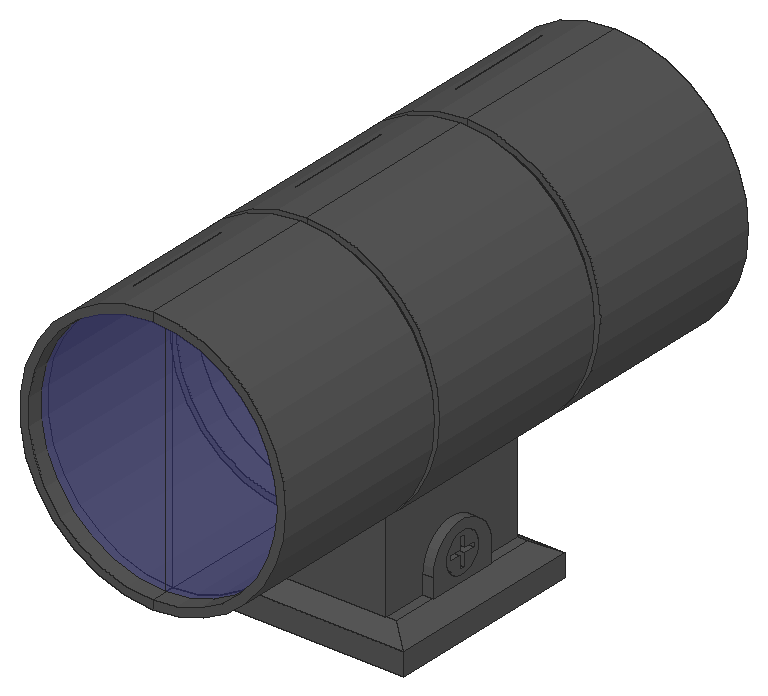
Revit family "CARLO CYLINDER LIGHT WALL MOUNT", category Lighting Fixtures, host Face, Revit 2020 (continued)
Types (10): name | Wattage_Input | Wattage Comments | Wattage | Photometric Web File | built-in parameter 1150142 | Model | built-in parameter 1150105 | Lumens | Light Length 1 | LIGHT RADIUS | LIGHT PLACEMENT | LIGHT LENGTH | LIGHT DIA | built-in parameter 1150106 | FIXED END HEIGHT | Curve base Height | Base Curve | BEAMING ANGLE | Apparent Load
    2 880.55 888.84 896.65 903.96 910.7 916.74 \r\n 922.13 926.57 930.98 936.44 942.11 947.48 952.56 957.02 961.4 966.17 \r\n 971.28 976.99 982.85 988.46 993.89 999.28 1004 1007.3 1009.6 1011 \r\n 1011.9 \r\n1006.9 1014.9 1017.6 1019.4 1020.1 1019.1 1017 1013.9 1010.3 1006.7 \r\n 1002.7 998.27 993.56 988.69 983.74 978.97 973.93 968.21 961.88 954.7 \r\n 947.17 939.72 932.27 925.08 917.63 909.54 900.75 890.94 880.5 869.78 \r\n 858.54 846.6 834.18 821.37 808.4 795.67 782.83 769.72 756.21 742.13 \r\n 727.49 712.02 696.38 681.28 666.19 650.68 635.13 619.9 604.62 588.79 \r\n 573.11 558.28 543.91 529.72 516.11 503.4 491.52 480.64 470.35 460.23 \r\n 450.37 440.85 431.3 421.29 411.07 400.77 390.33 379.64 368.89 358.06 \r\n 347.58 338.02 328.96 320.14 311.58 304.4 294.97 278.74 259.56 239.8 \r\n 219.38 199.37 178.66 155.8 132.93 112.17 92.223 71.313 53.034 41.222 \r\n 33.378 28.731 25.934 23.25 21.081 19.265 17.761 16.5 15.409 14.374 \r\n 13.445 12.652 11.939 11.245 10.616 10.096 9.6323 9.1751 8.7482 8.361 \r\n 8.0063 7.6827 7.383 7.1031 6.833 6.5579 6.2886 6.0319 5.7858 5.5514 \r\n 5.327 5.1119 4.9035 4.6979 4.4986 4.3081 4.1248 3.9481 3.778 3.6142 \r\n 3.4569 3.3057 3.162 3.0295 2.9015 2.7697 2.6432 2.5301 2.4255 2.3254 \r\n 2.2341 2.1524 2.0866 2.0511 2.0224 1.9747 1.9297 1.9072 1.8871 1.8554 \r\n 1.8133 1.7533 1.691 1.6503 1.5996 1.5027 1.3967 1.3128 1.2326 1.1489 \r\n 1.0595 0.9523 0.84969 0.77879 0.71328 0.6291 0.54657 0.48217 0.42338 0.36173 \r\n 0.30154 0.24184 0.19013 0.15928 0.13222 0.090871 0.051163 0.024088 0.0063565 0.0004066 \r\n 0.000051 0 0.00019657 0.0064602 0.017089 0.030728 0.052204 0.08963 0.1318 0.16675 \r\n 0.20487 0.25394 0.30983 0.37455 0.43746 0.4795 0.52793 0.61456 0.70664 0.77394 \r\n 0.84069 0.92413 1.015 1.1132 1.2081 1.2825 1.3556 1.4483 1.5385 1.604 \r\n 1.6654 1.7422 1.8161 1.8731 1.9207 1.9586 1.9952 2.0428 2.0904 2.1248 \r\n 2.1649 2.2306 2.3068 2.3817 2.4652 2.5649 2.6747 2.792 2.9133 3.0295 \r\n 3.1547 3.3064 3.4651 3.6121 3.7632 3.9286 4.107 4.3056 4.5088 4.6961 \r\n 4.889 5.1065 5.3355 5.5672 5.8081 6.0616 6.3284 6.6135 6.9083 7.2009 \r\n 7.507 7.838 8.1951 8.5833 9.0036 9.455 9.9487 10.501 11.095 11.688 \r\n 12.369 13.251 14.219 15.121 16.17 17.567 19.198 20.902 23.023 25.693 \r\n 29.392 33.653 41.452 57.081 76.13 95.29 115.57 136.93 159.19 182.95 \r\n 205.79 225.02 241.97 257.07 270.33 281.96 291.84 299.51 306.23 313.03 \r\n 320.15 328.4 337.12 345.71 354.81 365.07 375.93 387.3 398.54 408.79 \r\n 418.65 428.24 438.11 448.92 460.47 472.79 485.74 499.22 513.14 527.35 \r\n 541.99 557.33 572.95 588.44 603.98 619.57 635.37 651.62 668.07 684.69 \r\n 701.1 716.9 732.07 746.28 760.09 774.12 787.89 801.13 813.95 826.45 \r\n 838.42 849.72 860.31 870.05 879.13 887.75 895.8 903.24 910.03 916.12 \r\n 921.53 925.94 930.29 935.69 941.31 946.69 951.8 956.29 960.67 965.35 \r\n 970.32 975.8 981.51 987.31 992.98 998.37 1003.1 1006.5 1008.9 1010.6 \r\n 1011.9 \r\n1006.9 1015.1 1017.4 1018.8 1019.2 1018.2 1016.3 1013.5 1010 1006.1 \r\n 1001.8 997.24 992.4 987.39 982.25 977.17 971.82 965.93 959.46 952.11 \r\n 944.43 936.94 929.42 921.86 914.03 905.69 896.74 886.9 876.37 865.24 \r\n 853.55 841.31 828.7 815.85 802.89 790.08 777.14 763.9 750.31 736.33 \r\n 721.81 706.33 690.62 675.43 660.27 644.81 629.37 614.32 599.28 583.77 \r\n 568.4 553.66 539.39 525.51 512.24 499.76 488.1 477.55 467.57 457.68 \r\n 447.97 438.48 428.9 418.86 408.62 398.36 387.89 376.94 365.97 355.31 \r\n 345.07 335.48 326.41 317.99 309.75 302.28 292.6 276.98 258.24 237.75 \r\n 216.12 194.64 172.75 149.8 127.35 107.24 87.95 67.173 49.169 38.569 \r\n 31.944 27.662 24.972 22.483 20.48 18.797 17.391 16.175 15.113 14.129 \r\n 13.247 12.48 11.79 11.135 10.539 10.026 9.5625 9.1212 8.7115 8.335 \r\n 7.9883 7.6706 7.3744 7.0949 6.8232 6.5438 6.2717 6.0193 5.7786 5.5454 \r\n 5.321 5.107 4.8996 4.6942 4.4949 4.3045 4.122 3.9481 3.781 3.6183 \r\n 3.4619 3.313 3.1716 3.0405 2.913 2.7789 2.6516 2.5453 2.4474 2.346 \r\n 2.2531 2.1765 2.1166 2.084 2.0551 2.0002 1.9489 1.9315 1.916 1.8766 \r\n 1.8256 1.7669 1.7067 1.6625 1.6054 1.4977 1.3837 1.3064 1.2325 1.1384 \r\n 1.0384 0.93556 0.84015 0.7711 0.70586 0.62063 0.53799 0.47874 0.4243 0.35868 \r\n 0.29491 0.24122 0.19597 0.16383 0.13413 0.093319 0.054739 0.028434 0.010722 0.0026587 \r\n 0.000086 0 0.00011668 0.0033272 0.0099934 0.019546 0.037759 0.074552 0.11692 0.15183 \r\n 0.18927 0.23513 0.2887 0.35645 0.42275 0.46398 0.51046 0.59492 0.68647 0.75948 \r\n 0.83097 0.90943 0.99483 1.0959 1.1948 1.2693 1.3411 1.4313 1.5205 1.5924 \r\n 1.6595 1.7312 1.7996 1.8602 1.9129 1.9527 1.9898 2.0357 2.0811 2.1157 \r\n 2.155 2.2146 2.2851 2.3613 2.4475 2.5478 2.6574 2.7735 2.8943 3.0134 \r\n 3.1411 3.2905 3.4475 3.5989 3.7545 3.9175 4.0938 4.2984 4.5076 4.6941 \r\n 4.8848 5.1018 5.3323 5.5709 5.8171 6.0655 6.3259 6.6099 6.9071 7.2071 \r\n 7.522 7.8595 8.2234 8.6201 9.0497 9.5101 10.014 10.582 11.193 11.801 \r\n 12.502 13.415 14.417 15.35 16.431 17.864 19.524 21.235 23.353 26.101 \r\n 29.698 33.491 40.319 53.867 70.949 89.694 109.85 130.39 151.73 174.84 \r\n 196.93 214.77 230.59 245.6 259.59 273.23 285.06 292.99 299.49 306.29 \r\n 313.43 321.76 330.6 339.28 348.58 359.31 370.76 382.67 394.47 405.41 \r\n 415.87 425.79 435.87 446.85 458.52 470.98 484.02 497.49 511.32 525.33 \r\n 539.72 554.73 570.02 585.31 600.7 616.2 631.92 648 664.34 681.02 \r\n 697.57 713.58 728.97 743.31 757.26 771.54 785.56 798.91 811.75 824.1 \r\n 835.96 847.36 858.2 868.34 877.85 886.78 895.06 902.62 909.47 915.63 \r\n 921.07 925.5 929.83 935.13 940.66 946.03 951.16 955.68 960.08 964.7 \r\n 969.55 974.82 980.37 986.31 992.16 997.54 1002.2 1005.7 1008.3 1010.3 \r\n 1011.9 \r\n1006.9 1015.2 1017.2 1018.2 1018.1 1017.2 1015.4 1012.9 1009.6 1005.5 \r\n 1000.9 996.1 991.14 985.99 980.68 975.3 969.64 963.57 956.97 949.48 \r\n 941.68 934.18 926.58 918.7 910.5 901.93 892.81 882.92 872.29 860.78 \r\n 848.66 836.15 823.34 810.43 797.43 784.49 771.4 757.98 744.27 730.32 \r\n 715.85 700.33 684.55 669.27 654.06 638.67 623.37 608.47 593.62 578.44 \r\n 563.38 548.76 534.62 521.09 508.21 495.99 484.59 474.39 464.75 455.1 \r\n 445.56 436.11 426.53 416.5 406.26 396.05 385.58 374.37 363.17 352.68 \r\n 342.63 332.95 323.83 315.76 307.76 299.72 289.54 274.5 256.27 235.19 \r\n 212.55 189.7 166.69 143.7 121.7 102.23 83.638 63.224 45.691 36.224 \r\n 30.682 26.728 24.131 21.819 19.966 18.403 17.083 15.906 14.866 13.924 \r\n 13.082 12.339 11.67 11.048 10.481 9.9717 9.5085 9.0809 8.6863 8.319 \r\n 7.9785 7.6652 7.3711 7.0907 6.8164 6.5329 6.2583 6.0096 5.7736 5.5411 \r\n 5.3166 5.1033 4.8965 4.6912 4.4918 4.3011 4.1191 3.9479 3.7837 3.6219 \r\n 3.4663 3.3194 3.1799 3.0499 2.9228 2.7868 2.6591 2.5594 2.4681 2.366 \r\n 2.272 2.2007 2.1463 2.1157 2.086 2.0245 1.9675 1.9546 1.9432 1.8958 \r\n 1.836 1.778 1.7193 1.6701 1.6059 1.4888 1.3685 1.2976 1.2296 1.1255 \r\n 1.0153 0.91703 0.82892 0.76133 0.69604 0.61026 0.52799 0.47364 0.42322 0.35377 \r\n 0.28661 0.23896 0.20012 0.16649 0.13402 0.093857 0.056712 0.031812 0.014747 0.0048174 \r\n 0.00011897 0 0.000037 0.00020001 0.0031084 0.009472 0.025107 0.060599 0.10235 0.1373 \r\n 0.17439 0.21738 0.26868 0.33836 0.40721 0.44903 0.49489 0.57613 0.66581 0.74458 \r\n 0.82115 0.89471 0.97454 1.0777 1.1801 1.2557 1.3275 1.4145 1.5021 1.5815 \r\n 1.6552 1.7218 1.7844 1.8479 1.9052 1.9471 1.9846 2.0283 2.0713 2.1068 \r\n 2.1462 2.1994 2.2641 2.3415 2.4302 2.5306 2.6394 2.7537 2.8735 2.996 \r\n 3.1266 3.2728 3.4268 3.5825 3.7425 3.9033 4.0773 4.2856 4.4992 4.6859 \r\n 4.8757 5.0914 5.3217 5.5654 5.8155 6.0589 6.3133 6.5957 6.8944 7.2003 \r\n 7.5224 7.8645 8.233 8.6355 9.0712 9.5369 10.048 10.625 11.247 11.87 \r\n 12.586 13.516 14.537 15.498 16.605 18.056 19.726 21.438 23.545 26.334 \r\n 29.822 33.272 39.236 50.608 65.628 84.055 104.22 124.07 144.54 166.86 \r\n 188.1 204.78 219.77 234.99 249.9 265.48 279.12 287.36 293.69 300.52 \r\n 307.7 316.11 325.05 333.82 343.31 354.43 366.36 378.69 390.97 402.55 \r\n 413.61 423.86 434.14 445.27 457.05 469.62 482.72 496.14 509.85 523.72 \r\n 537.91 552.62 567.62 582.72 597.99 613.4 629.02 644.92 661.11 677.77 \r\n 694.38 710.55 726.13 740.6 754.68 769.16 783.36 796.78 809.61 821.82 \r\n 833.57 845.05 856.08 866.58 876.47 885.7 894.2 901.88 908.82 915.07 \r\n 920.59 925.09 929.45 934.65 940.06 945.4 950.54 955.12 959.55 964.13 \r\n 968.89 973.98 979.39 985.41 991.36 996.7 1001.3 1004.9 1007.8 1010 \r\n 1011.9 \r\n1006.9 1015.1 1016.9 1017.5 1017.1 1016.1 1014.4 1012 1008.9 1004.6 \r\n 999.83 995.01 990 984.79 979.37 973.75 967.85 961.61 954.88 947.29 \r\n 939.41 931.85 924.15 916.06 907.62 898.86 889.56 879.5 868.68 856.9 \r\n 844.54 831.9 818.99 805.9 792.72 779.66 766.44 752.82 738.9 724.78 \r\n 710.18 694.57 678.75 663.45 648.28 633.09 618.01 603.16 588.38 573.39 \r\n 558.56 544.1 530.16 516.98 504.5 492.65 481.62 471.79 462.47 453.07 \r\n 443.71 434.4 424.92 414.95 404.76 394.63 384.17 372.76 361.37 350.88 \r\n 340.84 330.95 321.64 313.77 305.71 296.36 284.88 269.83 251.91 230.91 \r\n 208.17 184.77 161.28 138.37 116.67 97.527 79.435 59.831 43.242 34.814 \r\n 30.128 26.422 23.86 21.657 19.887 18.371 17.078 15.915 14.881 13.94 \r\n 13.099 12.361 11.698 11.083 10.52 10.008 9.5407 9.1147 8.7223 8.3545 \r\n 8.0122 7.6964 7.3989 7.1134 6.8345 6.5493 6.274 6.0252 5.7891 5.5551 \r\n 5.3291 5.115 4.9076 4.7012 4.5005 4.3078 4.1244 3.954 3.7909 3.629 \r\n 3.473 3.3265 3.1875 3.0569 2.929 2.7921 2.6647 2.5688 2.4816 2.3801 \r\n 2.2868 2.2196 2.1688 2.1373 2.1051 2.0411 1.9824 1.9722 1.9619 1.9072 \r\n 1.8394 1.7815 1.7227 1.6653 1.5927 1.4732 1.3536 1.2876 1.2228 1.1109 \r\n 0.9932 0.89877 0.81613 0.74772 0.6809 0.59652 0.51657 0.46531 0.41676 0.34408 \r\n 0.27414 0.2307 0.19628 0.16087 0.12591 0.086709 0.051745 0.029815 0.015263 0.0054204 \r\n 0.0001232 0 0 0 0 0.0055736 0.02029 0.053679 0.093432 0.1279 \r\n 0.16462 0.206 0.25567 0.32436 0.39308 0.43719 0.48447 0.56158 0.6474 0.72909 \r\n 0.80848 0.87768 0.95301 1.0576 1.163 1.2414 1.3148 1.3991 1.4853 1.5715 \r\n 1.6518 1.716 1.7754 1.8418 1.9027 1.9455 1.9831 2.0257 2.0681 2.1062 \r\n 2.1471 2.1954 2.2549 2.3332 2.4235 2.5212 2.6264 2.7371 2.8546 2.9796 \r\n 3.1124 3.2537 3.4026 3.5599 3.7222 3.8806 4.0513 4.257 4.4692 4.6588 \r\n 4.8509 5.0629 5.2886 5.5306 5.7794 6.0198 6.2713 6.5523 6.8504 7.1575 \r\n 7.4799 7.8185 8.1818 8.5792 9.0088 9.4663 9.9678 10.535 11.148 11.768 \r\n 12.476 13.374 14.363 15.321 16.418 17.816 19.419 21.082 23.114 25.789 \r\n 29.057 32.238 37.504 46.909 60.134 78.584 99.157 118.76 138.78 160.41 \r\n 181.11 197.85 213.36 229.69 245.92 262.81 277.44 285.81 291.99 298.81 \r\n 305.96 314.26 323.09 331.83 341.3 352.34 364.2 376.51 388.87 400.72 \r\n 412.09 422.52 432.89 444.02 455.73 468.18 481.13 494.34 507.9 521.77 \r\n 535.99 550.58 565.44 580.48 595.69 611.03 626.57 642.32 658.34 674.83 \r\n 691.31 707.47 723.1 737.66 751.83 766.3 780.46 793.88 806.71 818.95 \r\n 830.73 842.19 853.26 863.95 874.1 883.55 892.27 900.14 907.26 913.73 \r\n 919.47 924.16 928.64 933.79 939.11 944.44 949.62 954.28 958.79 963.37 \r\n 968.11 973.21 978.61 984.48 990.28 995.59 1000.3 1004.1 1007.2 1009.7 \r\n 1011.9 \r\n1006.9 1014.9 1016.5 1016.7 1016.1 1014.9 1013.1 1010.9 1007.9 1003.6 \r\n 998.76 993.98 989.01 983.79 978.31 972.57 966.5 960.1 953.24 945.58 \r\n 937.65 929.97 922.15 913.96 905.41 896.5 887.01 876.66 865.57 853.67 \r\n 841.24 828.62 815.69 802.32 788.84 775.67 762.34 748.51 734.31 719.83 \r\n 704.92 689.2 673.36 658.11 643.1 628.21 613.39 598.52 583.65 568.73 \r\n 554.03 539.77 526.09 513.26 501.17 489.77 479.18 469.72 460.71 451.53 \r\n 442.36 433.28 424 414.16 404.06 394.03 383.6 372.09 360.52 349.9 \r\n 339.68 329.47 319.84 312.01 303.54 292.18 278.67 262.97 245.1 224.79 \r\n 202.89 179.84 156.54 133.83 112.3 93.162 75.357 57.003 41.824 34.338 \r\n 30.278 26.741 24.157 21.993 20.236 18.697 17.371 16.198 15.15 14.172 \r\n 13.294 12.542 11.871 11.235 10.653 10.13 9.6553 9.2188 8.8159 8.4379 \r\n 8.0859 7.761 7.4548 7.1605 6.8752 6.5906 6.3167 6.064 5.8229 5.5854 \r\n 5.3565 5.1404 4.9311 4.7227 4.5195 4.3233 4.1366 3.9652 3.8016 3.6382 \r\n 3.4807 3.3333 3.1933 3.0605 2.9308 2.7943 2.6679 2.573 2.4871 2.3878 \r\n 2.2969 2.2326 2.1832 2.1478 2.1118 2.0494 1.9931 1.9832 1.9711 1.9096 \r\n 1.8353 1.7766 1.7161 1.6475 1.5655 1.4511 1.3395 1.2761 1.2112 1.0945 \r\n 0.97259 0.88108 0.80175 0.73028 0.66057 0.57957 0.50383 0.45365 0.40472 0.32973 \r\n 0.25791 0.21657 0.18428 0.1469 0.10997 0.072089 0.040008 0.02244 0.012116 0.0043695 \r\n 0.000098 0 0 0 0 0.007446 0.023271 0.053882 0.090304 0.12377 \r\n 0.16006 0.20106 0.24969 0.31454 0.38047 0.42829 0.47884 0.5512 0.63143 0.71295 \r\n 0.79261 0.85819 0.93028 1.0355 1.1434 1.2258 1.3025 1.3851 1.4702 1.5622 \r\n 1.6487 1.7136 1.7728 1.8419 1.9052 1.948 1.9851 2.0282 2.0719 2.1137 \r\n 2.1573 2.2022 2.2575 2.3363 2.4266 2.5192 2.6181 2.7233 2.8371 2.9638 \r\n 3.0977 3.2325 3.3746 3.5308 3.6927 3.8487 4.0151 4.2117 4.417 4.6118 \r\n 4.8092 5.0154 5.2321 5.4658 5.708 5.9474 6.1991 6.4787 6.7742 7.0775 \r\n 7.3933 7.72 8.0683 8.4499 8.8611 9.2965 9.773 10.311 10.894 11.493 \r\n 12.167 12.986 13.892 14.814 15.863 17.139 18.6 20.164 22.053 24.46 \r\n 27.397 30.359 35.089 42.814 54.582 73.331 94.618 114.41 134.41 155.5 \r\n 176.05 194.1 211.45 229.72 247.59 265.09 279.87 288.26 294.34 301.11 \r\n 308.14 316.15 324.66 333.24 342.47 352.96 364.21 376.06 388.08 399.83 \r\n 411.2 421.64 432 442.97 454.43 466.54 479.12 491.98 505.31 519.34 \r\n 533.79 548.45 563.33 578.42 593.65 608.95 624.4 640.06 655.92 672.09 \r\n 688.25 704.25 719.8 734.41 748.61 762.86 776.78 790.13 803 815.44 \r\n 827.39 838.75 849.69 860.43 870.7 880.32 889.25 897.37 904.79 911.59 \r\n 917.67 922.68 927.38 932.53 937.79 943.15 948.38 953.16 957.8 962.4 \r\n 967.17 972.48 977.99 983.49 988.9 994.2 999.07 1003.1 1006.6 1009.4 \r\n 1011.9 \r\n1006.9 1014.6 1016 1015.9 1015 1013.6 1011.7 1009.6 1006.8 1002.5 \r\n 997.55 992.83 987.92 982.71 977.2 971.36 965.16 958.63 951.64 943.95 \r\n 935.99 928.2 920.25 911.99 903.36 894.31 884.62 873.97 862.62 850.64 \r\n 838.21 825.62 812.66 799.02 785.23 771.9 758.44 744.37 729.89 715.01 \r\n 699.74 683.9 668.08 652.89 638.02 623.42 608.85 593.91 578.93 564.04 \r\n 549.46 535.41 522.02 509.52 497.81 486.86 476.7 467.56 458.81 449.83 \r\n 440.85 432 422.94 413.26 403.28 393.35 382.98 371.42 359.75 348.97 \r\n 338.53 328 318 310.07 301.06 287.58 271.9 255.36 237.41 217.89 \r\n 197.01 174.57 151.71 129.28 107.92 88.775 71.288 54.396 40.807 34.168 \r\n 30.588 27.186 24.572 22.424 20.659 19.079 17.706 16.515 15.45 14.429 \r\n 13.508 12.74 12.057 11.397 10.79 10.257 9.7743 9.3255 8.9097 8.5203 \r\n 8.1576 7.8225 7.5069 7.2034 6.9118 6.6283 6.3563 6.0992 5.8525 5.6116 \r\n 5.3799 5.1616 4.9503 4.7399 4.5344 4.3349 4.1452 3.9726 3.8082 3.6432 \r\n 3.4842 3.3358 3.1946 3.0598 2.9286 2.7933 2.6688 2.574 2.4888 2.3927 \r\n 2.3053 2.2435 2.1946 2.1547 2.1146 2.055 2.002 1.9902 1.9741 1.9069 \r\n 1.8274 1.7672 1.7039 1.6236 1.5325 1.4254 1.3235 1.2614 1.195 1.0756 \r\n 0.9515 0.86251 0.78555 0.71082 0.6383 0.56118 0.48998 0.44003 0.39004 0.31389 \r\n 0.24131 0.2012 0.16999 0.13089 0.092533 0.0562 0.027173 0.014089 0.0081626 0.0029302 \r\n 0.000066 0 0 0 0 0.010222 0.027938 0.055369 0.087891 0.12046 \r\n 0.15657 0.19738 0.24491 0.30499 0.36736 0.41948 0.474 0.54144 0.61555 0.69614 \r\n 0.77553 0.83814 0.90759 1.0127 1.1223 1.209 1.2896 1.371 1.4552 1.5528 \r\n 1.6454 1.7119 1.7716 1.8427 1.9077 1.9505 1.9873 2.0303 2.075 2.1208 \r\n 2.1672 2.2092 2.2605 2.3392 2.4286 2.5157 2.6079 2.7072 2.8169 2.9448 \r\n 3.0795 3.2077 3.3425 3.4966 3.6573 3.811 3.9732 4.159 4.3556 4.5556 \r\n 4.7587 4.9587 5.1656 5.3893 5.6236 5.8622 6.1146 6.392 6.6836 6.9812 \r\n 7.2881 7.6009 7.9321 8.2946 8.6836 9.0933 9.5406 10.044 10.592 11.165 \r\n 11.799 12.527 13.338 14.217 15.208 16.347 17.65 19.101 20.834 22.94 \r\n 25.533 28.329 32.617 38.818 49.238 68.182 90.064 110.1 130.18 150.8 \r\n 171.29 190.92 210.38 230.66 250.12 267.99 282.73 291.29 297.48 304.25 \r\n 311.15 318.84 327 335.39 344.35 354.19 364.72 376 387.58 399.15 \r\n 410.45 420.89 431.21 442.01 453.22 464.95 477.14 489.62 502.72 516.9 \r\n 531.6 546.36 561.31 576.46 591.71 606.97 622.34 637.92 653.63 669.45 \r\n 685.27 701.04 716.48 731.13 745.34 759.33 772.98 786.23 799.14 811.81 \r\n 823.97 835.22 846 856.75 867.11 876.88 886.03 894.43 902.17 909.34 \r\n 915.79 921.15 926.11 931.3 936.53 941.9 947.17 952.07 956.82 961.45 \r\n 966.27 971.81 977.43 982.53 987.51 992.81 997.86 1002.2 1006 1009.1 \r\n 
